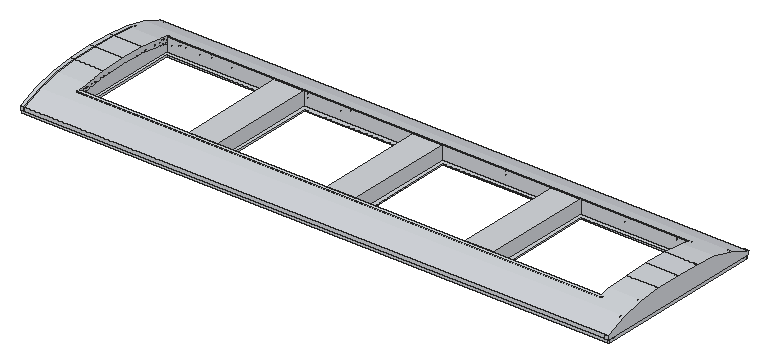
Revit family "Gira_0214397", category Electrical Fixtures, host Face, Revit 2017
Family settings
  Host = Face
  Maintain Annotation Orientation = No
  Round Connector Dimension = Use Diameter
  Part Type = Normal
  Cut with Voids When Loaded = No
  Shared = No
  Room Calculation Point = No
Parameters (values of type "Cov.fr. 4-g interm.fr. PW Gira Event Opaque orange")
  With mounting grid = "No"
  With hinged lid = "No"
  URL = "http://katalog.gira.de/en/datenblatt.html?artikelnr=0214397"
  Type of fastening = "Clamp mounting"
  Transparent = "No"
  Surface protection = "Other"
  Suitable for wall duct = "No"
  Suitable for flush-mounted installation = "Yes"
  Suitable for floor box = "No"
  Suitable for built-in installation = "No"
  Number of units vertical = "4"
  Number of units horizontal = "4"
  Number of units = "4"
  Name = "Cov.fr. 4-g interm.fr. PW Gira Event Opaque orange"
  Mounting direction = "Horizontal and vertical"
  Material quality = "Thermoplastic"
  Material = "Plastic"
  Manufacturer URL = "https://www.gira.de/"
  Manufacturer = "Gira"
  Label space/information surface = "No"
  Keynote = ""
  HeinzeBIM = "https://bimportal.heinze.de/bim/cov-fr-4-g-interm-fr-pw-gira-event-opaque-orange/90f6f7f4faa2fdebe2ba6d3b19739b0806d7659e"
  Halogen free = "Yes"
  HAN = "0214397"
  GTIN = "4010337074533"
  Description = "Cov.fr.4g i.fr.PW EvOp OR,Gira Event Opaque frames,orange with pure white glossy intermediate frame,4-gang,Features:,- Shatter-proof."
  Degree of protection (IP) = "IP20"
  Default Elevation = 1219.2 mm
  Data sheet (1) = "https://katalog.gira.de/en/download.html?artikelnr=0214397"
  Colour = "Orange"
  Category = "Cover frame for domestic switching devices"
  BIM (1) = "https://media.stage.bim.site/public/gira/36a6b08/Event_Rahmen_4fach.rfa"
  Available = "No"
Reference planes
  plane 1 "Center (Front/Back)": y = 0
  plane 2: z = 0
  plane 3 "Center (Left/Right)": x = 0
Forms (mm)
  Extrusion 1, solid, detail levels fine
    sketch origin (0, 0, 0.05) x (0, 1, 0) y (0, 0, 1)
      loop
        arc (12.445, 9.683) -> (6.223, 9.833) -> (0, 9.85) r 291.636
        arc (0, 9.85) -> (-6.223, 9.833) -> (-12.445, 9.683) r 291.636
        arc (-12.445, 9.683) -> (-29.14, 7.482) -> (-45, 1.823) r 79.728
        line (-45, 1.823) -> (-45, -0.05) -> (-42.086, -0.05)
        arc (-42.086, -0.05) -> (-21.385, 5.559) -> (0, 7.206) r 114.424
        arc (0, 7.206) -> (21.385, 5.559) -> (42.086, -0.05) r 114.424
        line (42.086, -0.05) -> (45, -0.05) -> (45, 1.823)
        arc (45, 1.823) -> (29.14, 7.482) -> (12.445, 9.683) r 79.728
    from -151.95 to 151.935
  Extrusion 2, void, detail levels fine
    sketch origin (0, 0, 0) x (1, 0, 0) y (0, 1, 0)
      loop
        line (134.95, 28.035) -> (-134.95, 28.035) -> (-134.95, -28.035) -> (134.95, -28.035) -> (134.95, 28.035)
    from 0.724 to 11
  Extrusion 3, solid, detail levels coarse
    sketch origin (0, 0, 0) x (1, 0, 0) y (0, 1, 0)
      loop
        line (-151.95, 45) -> (-151.95, -45) -> (151.935, -45) -> (151.935, 45) -> (-151.95, 45)
    from -1.5 to 9.9
  Extrusion 4, solid, detail levels medium
    sketch origin (0, 0, 0.05) x (0, 1, 0) y (0, 0, 1)
      loop
        arc (12.445, 9.683) -> (6.223, 9.833) -> (0, 9.85) r 291.636
        arc (0, 9.85) -> (-6.223, 9.833) -> (-12.445, 9.683) r 291.636
        arc (-12.445, 9.683) -> (-29.14, 7.482) -> (-45, 1.823) r 79.728
        line (-45, 1.823) -> (-45, -0.05) -> (45, -0.05) -> (45, 1.823)
        arc (45, 1.823) -> (29.14, 7.482) -> (12.445, 9.683) r 79.728
    from -151.95 to 151.935
  Extrusion 5, solid, detail levels fine
    sketch origin (-106.95, 0, -1.5) x (0, 1, 0) y (0, 0, -1)
      loop
        line (45, -3.373) -> (45, -1.5) -> (-45, -1.5) -> (-45, -3.373)
        arc (-45, -3.373) -> (-29.14, -9.032) -> (-12.445, -11.233) r 79.728
        arc (-12.445, -11.233) -> (-6.223, -11.383) -> (0, -11.4) r 291.636
        arc (0, -11.4) -> (6.223, -11.383) -> (12.445, -11.233) r 291.636
        arc (12.445, -11.233) -> (29.14, -9.032) -> (45, -3.373) r 79.728
    from 43 to 45
  Extrusion 6, solid, detail levels fine
    sketch origin (0, 0, 0) x (1, 0, 0) y (0, 1, 0)
      loop
        line (-132.85, 25.7) -> (-132.85, -25.7) -> (-81.05, -25.7) -> (-81.05, 25.7) -> (-132.85, 25.7)
      loop
        line (-9.755, -25.7) -> (-9.755, 25.7) -> (-61.555, 25.7) -> (-61.555, -25.7) -> (-9.755, -25.7)
      loop
        line (-135.845, 28.49) -> (-135.845, -28.495)
        spline (-135.845, -28.495) -> (-135.836, -28.625) -> (-135.811, -28.754) -> (-135.769, -28.878) -> (-135.711, -28.995) -> (-135.638, -29.104) -> (-135.552, -29.202) -> (-135.454, -29.288) -> (-135.345, -29.361) -> (-135.228, -29.419) -> (-135.104, -29.461) -> (-134.975, -29.486) -> (-134.845, -29.495)
        line (-134.845, -29.495) -> (134.845, -29.495)
        spline (134.845, -29.495) -> (134.975, -29.486) -> (135.104, -29.461) -> (135.228, -29.419) -> (135.345, -29.361) -> (135.454, -29.288) -> (135.552, -29.202) -> (135.638, -29.104) -> (135.711, -28.995) -> (135.769, -28.878) -> (135.811, -28.754) -> (135.836, -28.625) -> (135.845, -28.495)
        line (135.845, -28.495) -> (135.845, 28.49)
        spline (135.845, 28.49) -> (135.836, 28.62) -> (135.811, 28.748) -> (135.769, 28.872) -> (135.711, 28.99) -> (135.638, 29.098) -> (135.552, 29.197) -> (135.454, 29.283) -> (135.345, 29.356) -> (135.228, 29.413) -> (135.104, 29.456) -> (134.975, 29.481) -> (134.845, 29.49)
        line (134.845, 29.49) -> (-134.845, 29.49)
        spline (-134.845, 29.49) -> (-134.975, 29.481) -> (-135.104, 29.456) -> (-135.228, 29.413) -> (-135.345, 29.356) -> (-135.454, 29.283) -> (-135.552, 29.197) -> (-135.638, 29.098) -> (-135.711, 28.99) -> (-135.769, 28.872) -> (-135.811, 28.748) -> (-135.836, 28.62) -> (-135.845, 28.49)
      loop
        line (61.545, -25.7) -> (61.545, 25.7) -> (9.745, 25.7) -> (9.745, -25.7) -> (61.545, -25.7)
      loop
        line (132.85, -25.7) -> (132.85, 25.7) -> (81.05, 25.7) -> (81.05, -25.7) -> (132.85, -25.7)
    from 0.1 to 7.3
  Extrusion 7, solid
    sketch origin (0, 0, 0) x (1, 0, 0) y (0, 1, 0)
      loop
        arc (-151.65, -44.218) -> (-151.504, -44.572) -> (-151.15, -44.718) r 0.5
        line (-151.15, -44.718) -> (151.15, -44.718)
        arc (151.15, -44.718) -> (151.504, -44.572) -> (151.65, -44.218) r 0.5
        line (151.65, -44.218) -> (151.65, 44.182)
        arc (151.65, 44.182) -> (151.504, 44.535) -> (151.15, 44.682) r 0.5
        line (151.15, 44.682) -> (-151.15, 44.682)
        arc (-151.15, 44.682) -> (-151.504, 44.535) -> (-151.65, 44.182) r 0.5
        line (-151.65, 44.182) -> (-151.65, -44.218)
      loop
        line (-149.95, 42.982) -> (-149.95, -43.018) -> (149.95, -43.018) -> (149.95, 42.982) -> (-149.95, 42.982)
    from -1.5 to 0.5
  Extrusion 8, solid, detail levels fine
    sketch origin (106.935, 0, -1.5) x (0, 1, 0) y (0, 0, 1)
      loop
        arc (45, 3.373) -> (29.14, 9.032) -> (12.445, 11.233) r 79.728
        arc (12.445, 11.233) -> (6.223, 11.383) -> (0, 11.4) r 291.636
        arc (0, 11.4) -> (-6.223, 11.383) -> (-12.445, 11.233) r 291.636
        arc (-12.445, 11.233) -> (-29.14, 9.032) -> (-45, 3.373) r 79.728
        line (-45, 3.373) -> (-45, 1.5) -> (45, 1.5) -> (45, 3.373)
    from 43 to 45
  Extrusion 9, solid, detail levels medium
    sketch origin (0, 0, 0) x (1, 0, 0) y (0, 1, 0)
      loop
        line (-151.65, -44.718) -> (151.65, -44.718) -> (151.65, 44.682) -> (-151.65, 44.682) -> (-151.65, -44.718)
    from -1.5 to 0.5
  Extrusion 10, solid, detail levels fine
    sketch origin (-69.857, 0, 0) x (1, 0, 0) y (0, 1, 0)
      loop
        line (-8.943, 28.063) -> (-8.943, -27.937) -> (6.057, -27.937) -> (6.057, 28.063) -> (-8.943, 28.063)
    from 0.724 to 7.566
  Extrusion 11, solid, detail levels fine
    sketch origin (-1.443, 0, 0) x (-1, 0, 0) y (0, -1, 0)
      loop
        line (-8.943, -28.063) -> (6.057, -28.063) -> (6.057, 27.937) -> (-8.943, 27.937) -> (-8.943, -28.063)
    from 0.724 to 7.566
  Extrusion 12, solid, detail levels fine
    sketch origin (69.857, 0, 0) x (-1, 0, 0) y (0, -1, 0)
      loop
        line (-8.943, -28.063) -> (6.057, -28.063) -> (6.057, 27.937) -> (-8.943, 27.937) -> (-8.943, -28.063)
    from 0.724 to 7.566
Cuts and joins
  Extrusion 2 cuts Extrusion 1
  Extrusion 2 cuts Extrusion 6
Dimensions and locks
  aligned and locked: plane 2 to host face
  aligned and locked: level to host face
